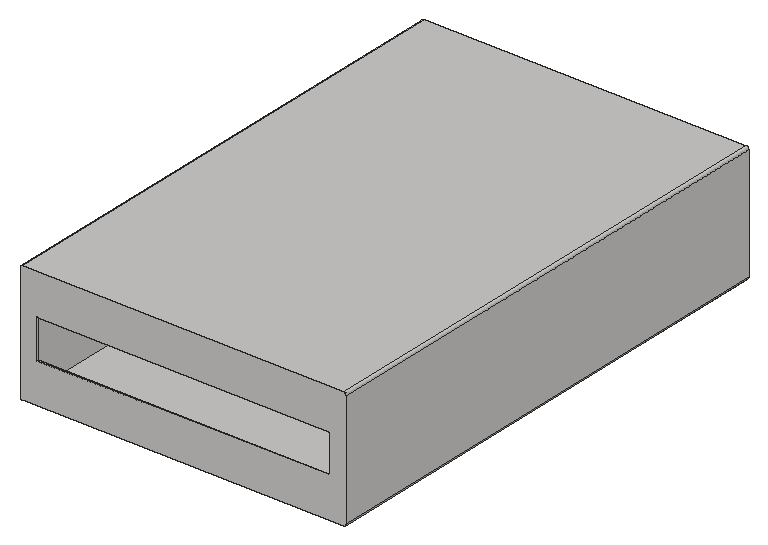
Revit family "PRD_FrankeWS_PprTwlDspnsrs_RODANPaperTowelDispenser_RODX600ME", category Furniture, host Face, Revit 2018
Family settings
  Host = Face
  OmniClass Number = 23.40.20.21
  OmniClass Title = Toilet and Bath Specialties
  Cut with Voids When Loaded = No
  Shared = No
  Room Calculation Point = No
Parameters (values of type "RODX600ME")
  WarrantyStartDate [instance] = "1900-12-31T23:59:59"
  WarrantyGuarantorParts = "n/a"
  WarrantyGuarantorLabor = "n/a"
  WarrantyDurationUnit = "year"
  WarrantyDurationParts = "n/a"
  WarrantyDurationLabor = "n/a"
  WarrantyDescription = "n/a"
  Version = "1"
  Uniclass2015Version = "Products v1.10"
  Uniclass2015Title = "Paper towel dispensers"
  Uniclass2015Code = "Pr_40_70_22_62"
  URL = "www.kwc.com"
  TypeOfOperation = "manual operation"
  TypeOfMounting = "various types"
  TypeOfFixing = "screw"
  TypeOfConsumable = "paper towel"
  TagNumber [instance] = "n/a"
  SustainabilityPerformance = "n/a"
  Style = "paper towel dispenser"
  Size = "113 x 464 x 342 mm"
  Shape = "n/a"
  SerialNumber [instance] = "n/a"
  Revision = "n/a"
  ReplacementCost = "n/a"
  ProductInformation = "https://pim.kwc.com/product/2000090058/attachment/datasheet?locale=en"
  OffsetFromWall [instance] = 10.00 mm
  NominalWidth = 342.00 mm
  NominalHeight = 464.00 mm
  NominalDepth = 113.00 mm
  NetWeight = 3.60 kg
  Name = "Rodan paper towel dispenser RODX600ME"
  NBSTypeID = "n/a"
  NBSReference = "45-35-72/344"
  NBSOfficeMasterTag = "n/a"
  NBSNote = "n/a"
  NBSDescription = "Paper towel dispensers"
  NBSCertification = "n/a"
  ModelReference = "RODX600ME"
  ModelNumber = "2000090058"
  Model = ModelReference  # "RODX600ME"
  MaximumWidthOfConsumable = 270.00 mm
  MaximumDepthOfConsumable = 85.00 mm
  MaterialsFinishAndColour = "Stainless steel, satin finished"
  MaterialsBody = "Stainless steel"
  MaterialThickness = "0.80 mm"
  Material = "stainless steel"
  ManufacturerURL = "www.kwc.com"
  ManufacturerName = "KWC Group AG"  # constant formula
  Manufacturer = ManufacturerName  # "KWC Group AG"
  MainColor = "stainless steel"
  Lock = "no lock"
  IntegralAccessories = "Stainless steel screws and dowels incl."
  InstallationDate [instance] = "1900-12-31T23:59:59"
  IfcExportType = "USERDEFINED"
  IfcExportAs = "IfcFurnitureType"
  HeightOfOpening [instance] = 420.00 mm
  GrossWeight = 4.06 kg
  Grade = "n/a"
  Form = "Wall mounted"
  Finish = "satin finished"
  FillingQuantity = "800 towels"
  Features = "stainless steel, surface satin finished, material thickness 0.8 mm"
  ExpectedLife = "n/a"
  DurationUnit = "year"
  DispenserMaterial = PRD_AR_StainlessSteel_SatinFinished
  Description = "Paper towel dispenser for hidden mounting behind wall and mirror, stainless steel, surface satin finished, material thickness 0.8 mm, for 600 - 800 paper towels, depending on convolution, filling from bottom, incl. stainless steel screws and dowels"
  Default Elevation = 1200.00 mm
  CreateOn = "11/2018"  # constant formula
  Constituents = "n/a"
  Color = "no colour"
  CodePerformance = "n/a"
  Category = "Pr_40_70_22_62, Paper towel dispensers"
  BarCode [instance] = "n/a"
  BIMObjectName = "PRD_AR_PprTwlDspnsrs_RodanPaperTowelDispenser_RODX600ME"
  Author = "Archispace"  # constant formula
  AssetType = "Fixed"
  AssetIdentifier [instance] = "n/a"
  AccessibilityPerformance = "n/a"
Reference planes
  plane 1 "Center (Front/Back)": y = 0
  plane 2: z = 0
  plane 3 "Center (Left/Right)": x = 0
  plane 4: z = -117
  plane 5: z = -10
Forms (mm)
  Extrusion 1, void
    sketch origin (0, 0, 0) x (1, 0, 0) y (0, 1, 0)
      loop
        line (-146, -450) -> (-146, -870) -> (146, -870) -> (146, -450) -> (-146, -450)
    from -117 to 0
  Extrusion 2, void
    sketch origin (0, 0, 0) x (0, 1, 0) y (0, 0, 1)
      loop
        line (0, -10) -> (-450, -10) -> (-450, -117) -> (0, -117) -> (0, -10)
    from -146 to 146
Dimensions and locks
  "HeightOfOpening": Extrusion 1 sketch curve to Extrusion 1 sketch curve
  locked: Extrusion 1 sketch curve to plane 1 "Center (Front/Back)" at 450
  "OffsetFromWall": level to plane 5
  locked: plane 5 to plane 4 at 107
  aligned and locked: plane 2 to host face
  aligned and locked: level to host face
  aligned and locked: Extrusion 1 to plane 4
  aligned and locked: plane 5 to nested 1
  aligned and locked: Extrusion 2 sketch curve to plane 5
  aligned and locked: plane 4 to Extrusion 2 sketch curve
  aligned and locked: plane 1 "Center (Front/Back)" to Extrusion 2 sketch curve
Automatic sketch dimensions
  host sketch curve to host sketch curve = 561.356 mm
  host sketch curve to host sketch curve = 1434.121 mm
  plane 1 "Center (Front/Back)" to Extrusion 2 sketch curve = 450.00 mm
  Extrusion 1 sketch curve to plane 3 "Center (Left/Right)" = 146.00 mm
  plane 3 "Center (Left/Right)" to Extrusion 1 sketch curve = 146.00 mm
Nested families
  nested 1: "RODX600ME" at (0, 0, -117), type "RODX600ME"
    with OverallWidth 342.00 mm, OverallHeight 464.00 mm, OverallDepth 113.00 mm, DispenserMaterial PRD_AR_StainlessSteel_SatinFinished
Definition of nested family "RODX600ME"
  Parameters (values of type "RODX600ME")
    OverallWidth [instance] = 342.00 mm
    OverallHeight [instance] = 464.00 mm
    OverallDepth [instance] = 113.00 mm
    Default Elevation = 1219.20 mm
    DispenserMaterial [instance] = none
  Reference planes
    plane 1 "Środek (Przód/Tył)": y = 0
    plane 2: z = 0
    plane 3 "Środek (Lewa/Prawa)": x = 0
    plane 4: x = -146
    plane 5: x = 146
    plane 6: y = -450
  Forms (mm)
    Extrusion 1, solid, material <- "DispenserMaterial", detail levels medium
      sketch origin (0, 0, 0) x (1, 0, 0) y (0, 1, 0)
        loop
          line (-146, 0) -> (-146, -450) -> (146, -450) -> (146, 0) -> (-146, 0)
      from 0 to 107
    Extrusion 2, void
      sketch origin (0, 0, 0) x (1, 0, 0) y (0, 0, 1)
        loop
          line (-131, 36) -> (131, 36) -> (131, 71) -> (-131, 71) -> (-131, 36)
      from 439.94 to 471.142
    Extrusion 3, void
      sketch origin (0, 0, 0) x (1, 0, 0) y (0, 1, 0)
        loop
          line (-145.2, -449.2) -> (145.2, -449.2) -> (145.2, -0.8) -> (-145.2, -0.8) -> (-145.2, -449.2)
      from 0.8 to 106.2
    Extrusion 4, solid, material <- "DispenserMaterial", detail levels coarse
      sketch origin (0, 0, 0) x (1, 0, 0) y (0, 1, 0)
        loop
          line (-146, 0) -> (-146, -450) -> (146, -450) -> (146, 0) -> (-146, 0)
      from 0 to 107
    Extrusion 5, solid, material <- "DispenserMaterial", detail levels fine
      sketch origin (0, 0, 0) x (1, 0, 0) y (0, 0, 1)
        loop
          arc (-144, 107) -> (-145.414, 106.414) -> (-146, 105) r 2
          line (-146, 105) -> (-146, 2)
          arc (-146, 2) -> (-145.414, 0.586) -> (-144, 0) r 2
          line (-144, 0) -> (144, 0)
          arc (144, 0) -> (145.414, 0.586) -> (146, 2) r 2
          line (146, 2) -> (146, 105)
          arc (146, 105) -> (145.414, 106.414) -> (144, 107) r 2
          line (144, 107) -> (-144, 107)
      from 0 to 450
    Extrusion 6, void
      sketch origin (0, 0, 0) x (1, 0, 0) y (0, 1, 0)
        loop
          line (-146, 0) -> (-146, -450) -> (146, -450) -> (146, 0) -> (-146, 0)
      from 0 to 107
  Cuts and joins
    Extrusion 2, Extrusion 3 cuts Extrusion 1
    Extrusion 2, Extrusion 3 cuts Extrusion 5
  Dimensions and locks
    plane 4 to plane 3 "Środek (Lewa/Prawa)" = 146.00 mm
    plane 3 "Środek (Lewa/Prawa)" to plane 5 = 146.00 mm
    plane 1 "Środek (Przód/Tył)" to plane 6 = 450.00 mm
    aligned and locked: level to plane 2
